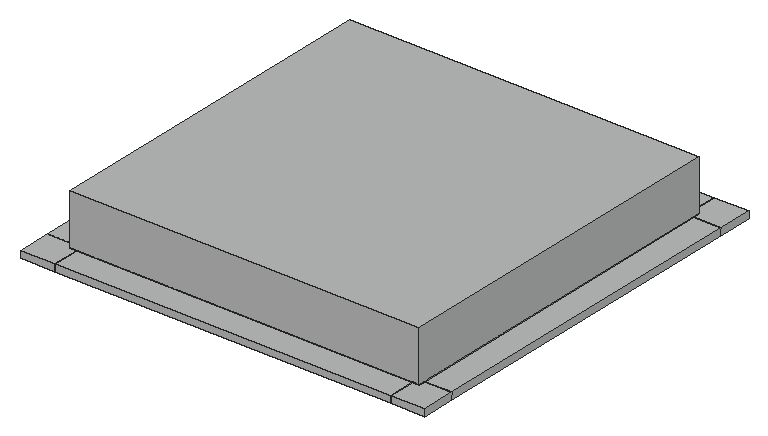
Revit family "ALUMOGIPS", category Осветительные приборы, Revit 2019 (continued)
Types (72, lengths in mm): name | Файл фотометрической сетки | built-in parameter 1150105 | Lumens | built-in parameter 1150106 | built-in parameter 1150142 | Wattage | Emit from Rectangle Width | Emit from Rectangle Length | Длина | Материал светильника | Ширина | ADSK_Ток | ADSK_Полная мощность | ADSK_Обозначение | ADSK_Номинальная мощность | ADSK_Наименование | ADSK_Масса | ADSK_Код изделия
  Alumogips-38/opal-sand 595х595 (IP54, 4000К, серый) | "Светильник ALUMOGIPS-38 OPAL-SAND-(595x595).IES" | 302.39 (stored number, unit not read) | 3800 lm | 3.0239 (stored number, unit not read) | "IESNA:LM-63-95\r\n[TEST] Протокол № 50-12 \r\n[DATA] 20.06.2016\r\n[MORE] \r\n[MANUFAC] ЗАО \"Центрстройсвет\"\r\n[LUMCAT]  Светильник ALUMOGIPS-38/OPAL-SAND-(595x595)\r\n[LUMINAIRE]\r\n[LAMPCAT] Светодиоды\r\n[LAMP] Поток источника света (светодиодов) не известен\r\n[MORE] КСС приведена в абсолютных величинах кд\r\n[MORE] Вместо потока лампы, указан поток светильника.\r\nTILT=NONE\r\n1    3750 1.0 37 73 1 2 0.595 0.595 0.04\r\n1.0 1.0 38.7\r\n0.0 5.0 10.0 15.0 20.0 25.0 30.0 35.0 40.0 45.0 50.0 55.0 60.0 65.0 70.0 75.0 80.0 85.0 90.0 95.0 100.0 105.0 110.0 115.0 120.0 125.0 130.0 135.0 140.0 145.0 150.0 155.0 160.0 165.0 170.0 175.0 180.0\r\n0.0 5.0 10.0 15.0 20.0 25.0 30.0 35.0 40.0 45.0 50.0 55.0 60.0 65.0 70.0 75.0 80.0 85.0 90.0 95.0 100.0 105.0 110.0 115.0 120.0 125.0 130.0 135.0 140.0 145.0 150.0 155.0 160.0 165.0 170.0 175.0 180.0 185.0 190.0 195.0 200.0 205.0 210.0 215.0 220.0 225.0 230.0 235.0 240.0 245.0 250.0 255.0 260.0 265.0 270.0 275.0 280.0 285.0 290.0 295.0 300.0 305.0 310.0 315.0 320.0 325.0 330.0 335.0 340.0 345.0 350.0 355.0 360.0\r\n1391.4 1390.6 1365.7 1330.6 1277.5 1214.9 1147.5 1059.6 967.6 873.2 772.4 664.9 556.3 449.1 342.7 240.6 147.1 64.2 4.7 0.0 0.0 0.0 0.0 0.0 0.0 0.0 0.0 0.0 0.0 0.0 0.0 0.0 0.0 0.0 0.0 0.0 0.0\r\n1391.4 1390.5 1367.8 1332.7 1284.3 1221.3 1147.0 1062.1 969.2 872.4 773.2 666.3 557.1 450.1 343.8 241.9 146.9 64.7 5.2 0.0 0.0 0.0 0.0 0.0 0.0 0.0 0.0 0.0 0.0 0.0 0.0 0.0 0.0 0.0 0.0 0.0 0.0\r\n1391.4 1390.2 1372.0 1333.3 1277.3 1216.8 1144.5 1057.4 969.6 875.1 773.8 669.5 560.0 454.6 345.8 242.4 148.5 65.8 5.4 0.0 0.0 0.0 0.0 0.0 0.0 0.0 0.0 0.0 0.0 0.0 0.0 0.0 0.0 0.0 0.0 0.0 0.0\r\n1391.4 1389.8 1371.2 1330.7 1279.5 1220.5 1148.3 1059.9 967.7 873.2 767.5 666.8 561.4 453.0 347.1 243.7 149.9 65.6 5.8 0.0 0.0 0.0 0.0 0.0 0.0 0.0 0.0 0.0 0.0 0.0 0.0 0.0 0.0 0.0 0.0 0.0 0.0\r\n1391.4 1389.8 1368.3 1329.3 1285.0 1214.6 1141.1 1058.7 971.8 871.3 775.2 666.9 559.4 452.6 345.8 242.5 150.0 65.8 6.1 0.0 0.0 0.0 0.0 0.0 0.0 0.0 0.0 0.0 0.0 0.0 0.0 0.0 0.0 0.0 0.0 0.0 0.0\r\n1391.4 1390.5 1367.3 1332.3 1281.7 1219.0 1142.8 1064.6 970.5 874.4 772.1 667.5 560.2 453.0 346.2 241.8 149.4 65.7 5.6 0.0 0.0 0.0 0.0 0.0 0.0 0.0 0.0 0.0 0.0 0.0 0.0 0.0 0.0 0.0 0.0 0.0 0.0\r\n1391.4 1391.4 1368.1 1333.5 1277.3 1215.7 1139.0 1059.6 968.1 872.4 771.6 667.4 558.8 453.3 344.3 243.9 148.4 65.7 5.4 0.0 0.0 0.0 0.0 0.0 0.0 0.0 0.0 0.0 0.0 0.0 0.0 0.0 0.0 0.0 0.0 0.0 0.0\r\n1391.4 1391.7 1368.1 1330.4 1278.2 1213.9 1142.4 1061.6 967.4 875.1 772.0 669.3 561.1 452.5 345.2 242.1 148.3 65.4 5.5 0.0 0.0 0.0 0.0 0.0 0.0 0.0 0.0 0.0 0.0 0.0 0.0 0.0 0.0 0.0 0.0 0.0 0.0\r\n1391.4 1391.5 1371.0 1328.4 1278.5 1216.7 1142.1 1061.2 971.8 874.7 772.1 668.9 560.8 452.9 345.4 243.3 147.7 66.0 5.4 0.0 0.0 0.0 0.0 0.0 0.0 0.0 0.0 0.0 0.0 0.0 0.0 0.0 0.0 0.0 0.0 0.0 0.0\r\n1391.4 1391.5 1373.2 1330.5 1277.3 1215.5 1143.2 1063.6 967.0 872.7 772.2 669.4 558.9 453.2 346.6 241.9 148.1 65.2 5.5 0.0 0.0 0.0 0.0 0.0 0.0 0.0 0.0 0.0 0.0 0.0 0.0 0.0 0.0 0.0 0.0 0.0 0.0\r\n1391.4 1391.4 1369.7 1328.3 1281.3 1216.0 1139.8 1057.9 968.7 875.3 773.9 667.6 561.8 454.0 344.0 243.1 147.2 65.6 5.5 0.0 0.0 0.0 0.0 0.0 0.0 0.0 0.0 0.0 0.0 0.0 0.0 0.0 0.0 0.0 0.0 0.0 0.0\r\n1391.4 1390.5 1367.9 1330.1 1278.1 1218.1 1138.9 1061.0 970.0 871.8 770.4 669.3 560.2 453.4 346.9 242.1 148.3 65.2 5.2 0.0 0.0 0.0 0.0 0.0 0.0 0.0 0.0 0.0 0.0 0.0 0.0 0.0 0.0 0.0 0.0 0.0 0.0\r\n1391.4 1389.3 1368.2 1329.1 1280.8 1214.4 1142.5 1059.2 967.2 874.3 772.4 668.0 563.1 452.3 345.7 242.8 146.8 64.9 5.1 0.0 0.0 0.0 0.0 0.0 0.0 0.0 0.0 0.0 0.0 0.0 0.0 0.0 0.0 0.0 0.0 0.0 0.0\r\n1391.4 1388.6 1367.4 1327.8 1278.0 1215.7 1141.0 1061.0 971.5 877.3 771.2 667.3 561.5 453.0 346.4 242.4 146.3 64.8 5.2 0.0 0.0 0.0 0.0 0.0 0.0 0.0 0.0 0.0 0.0 0.0 0.0 0.0 0.0 0.0 0.0 0.0 0.0\r\n1391.4 1388.0 1367.6 1326.7 1278.3 1218.0 1140.9 1061.5 968.4 873.4 770.1 666.6 562.1 454.6 344.8 241.8 146.4 64.0 5.5 0.0 0.0 0.0 0.0 0.0 0.0 0.0 0.0 0.0 0.0 0.0 0.0 0.0 0.0 0.0 0.0 0.0 0.0\r\n1391.4 1387.2 1366.1 1331.0 1281.4 1216.3 1142.7 1059.1 969.4 871.5 772.2 667.3 560.5 453.0 344.4 242.2 146.4 63.8 5.6 0.0 0.0 0.0 0.0 0.0 0.0 0.0 0.0 0.0 0.0 0.0 0.0 0.0 0.0 0.0 0.0 0.0 0.0\r\n1391.4 1387.1 1366.3 1328.7 1276.9 1214.5 1141.2 1059.3 968.4 874.3 775.5 668.3 562.5 454.9 346.4 241.3 146.2 63.5 5.7 0.0 0.0 0.0 0.0 0.0 0.0 0.0 0.0 0.0 0.0 0.0 0.0 0.0 0.0 0.0 0.0 0.0 0.0\r\n1391.4 1388.4 1366.0 1329.7 1279.2 1217.9 1140.0 1060.5 969.0 873.9 772.0 671.3 560.4 453.2 343.7 241.7 145.8 63.7 5.4 0.0 0.0 0.0 0.0 0.0 0.0 0.0 0.0 0.0 0.0 0.0 0.0 0.0 0.0 0.0 0.0 0.0 0.0\r\n1391.4 1389.6 1367.7 1329.3 1277.2 1211.1 1140.1 1061.0 971.0 871.2 769.2 669.1 561.5 453.1 343.3 241.9 145.8 63.4 5.2 0.0 0.0 0.0 0.0 0.0 0.0 0.0 0.0 0.0 0.0 0.0 0.0 0.0 0.0 0.0 0.0 0.0 0.0\r\n1391.4 1388.8 1366.9 1327.1 1279.4 1214.2 1142.5 1056.4 970.7 870.3 771.0 665.1 560.4 453.3 343.8 241.1 145.7 63.4 5.2 0.0 0.0 0.0 0.0 0.0 0.0 0.0 0.0 0.0 0.0 0.0 0.0 0.0 0.0 0.0 0.0 0.0 0.0\r\n1391.4 1387.2 1365.8 1328.9 1276.6 1210.2 1141.4 1059.3 966.6 871.4 770.5 667.4 559.2 451.4 344.2 241.0 145.6 63.2 5.1 0.0 0.0 0.0 0.0 0.0 0.0 0.0 0.0 0.0 0.0 0.0 0.0 0.0 0.0 0.0 0.0 0.0 0.0\r\n1391.4 1386.8 1364.4 1329.8 1279.4 1213.7 1144.0 1059.0 965.3 873.7 768.8 668.9 559.4 449.5 342.6 241.5 144.6 63.4 5.0 0.0 0.0 0.0 0.0 0.0 0.0 0.0 0.0 0.0 0.0 0.0 0.0 0.0 0.0 0.0 0.0 0.0 0.0\r\n1391.4 1388.1 1365.8 1328.1 1273.8 1213.4 1137.9 1059.2 967.3 869.2 769.3 667.7 558.4 451.4 344.0 240.6 145.7 63.4 4.9 0.0 0.0 0.0 0.0 0.0 0.0 0.0 0.0 0.0 0.0 0.0 0.0 0.0 0.0 0.0 0.0 0.0 0.0\r\n1391.4 1389.2 1364.4 1323.2 1276.3 1213.8 1137.6 1055.3 963.1 871.0 767.7 664.1 559.7 447.1 342.4 240.1 145.2 63.9 5.1 0.0 0.0 0.0 0.0 0.0 0.0 0.0 0.0 0.0 0.0 0.0 0.0 0.0 0.0 0.0 0.0 0.0 0.0\r\n1391.4 1388.4 1362.3 1326.8 1274.4 1212.2 1137.9 1054.7 966.7 867.9 768.7 663.4 557.3 449.2 343.3 240.0 145.7 63.6 5.0 0.0 0.0 0.0 0.0 0.0 0.0 0.0 0.0 0.0 0.0 0.0 0.0 0.0 0.0 0.0 0.0 0.0 0.0\r\n1391.4 1386.2 1361.8 1326.5 1273.3 1211.2 1134.5 1048.6 964.3 866.3 767.8 662.9 556.7 449.5 341.9 239.8 145.7 63.7 5.0 0.0 0.0 0.0 0.0 0.0 0.0 0.0 0.0 0.0 0.0 0.0 0.0 0.0 0.0 0.0 0.0 0.0 0.0\r\n1391.4 1384.4 1363.5 1324.4 1272.0 1209.5 1137.2 1053.0 960.2 867.5 767.9 662.7 556.7 449.2 342.5 239.1 146.2 63.8 4.8 0.0 0.0 0.0 0.0 0.0 0.0 0.0 0.0 0.0 0.0 0.0 0.0 0.0 0.0 0.0 0.0 0.0 0.0\r\n1391.4 1383.7 1362.4 1324.4 1274.0 1209.5 1134.4 1050.1 965.4 864.9 764.6 662.3 556.6 447.9 340.5 240.3 145.5 64.6 4.6 0.0 0.0 0.0 0.0 0.0 0.0 0.0 0.0 0.0 0.0 0.0 0.0 0.0 0.0 0.0 0.0 0.0 0.0\r\n1391.4 1384.4 1361.9 1326.9 1270.2 1207.3 1132.7 1050.1 959.7 867.7 763.1 662.2 555.0 447.3 343.0 238.3 145.8 63.9 4.7 0.0 0.0 0.0 0.0 0.0 0.0 0.0 0.0 0.0 0.0 0.0 0.0 0.0 0.0 0.0 0.0 0.0 0.0\r\n1391.4 1385.1 1363.0 1320.0 1270.4 1207.9 1134.4 1055.0 963.5 867.3 766.7 660.7 555.9 450.1 342.6 240.2 145.9 64.3 4.9 0.0 0.0 0.0 0.0 0.0 0.0 0.0 0.0 0.0 0.0 0.0 0.0 0.0 0.0 0.0 0.0 0.0 0.0\r\n1391.4 1384.9 1362.3 1321.4 1273.1 1208.0 1135.4 1052.3 961.9 865.0 764.0 660.8 553.5 447.6 341.2 240.3 146.1 63.8 4.8 0.0 0.0 0.0 0.0 0.0 0.0 0.0 0.0 0.0 0.0 0.0 0.0 0.0 0.0 0.0 0.0 0.0 0.0\r\n1391.4 1383.8 1361.2 1322.1 1265.1 1211.5 1132.8 1049.3 961.3 863.4 764.0 661.0 550.7 447.9 341.0 240.1 146.2 63.8 4.6 0.0 0.0 0.0 0.0 0.0 0.0 0.0 0.0 0.0 0.0 0.0 0.0 0.0 0.0 0.0 0.0 0.0 0.0\r\n1391.4 1382.8 1359.3 1321.5 1269.3 1206.8 1132.8 1051.1 958.3 863.2 763.1 662.7 553.4 448.0 340.4 240.0 145.8 63.8 4.0 0.0 0.0 0.0 0.0 0.0 0.0 0.0 0.0 0.0 0.0 0.0 0.0 0.0 0.0 0.0 0.0 0.0 0.0\r\n1391.4 1382.6 1359.0 1319.6 1268.1 1204.3 1129.8 1049.0 957.7 861.8 761.7 658.4 554.2 446.1 340.4 239.0 145.6 63.8 3.8 0.0 0.0 0.0 0.0 0.0 0.0 0.0 0.0 0.0 0.0 0.0 0.0 0.0 0.0 0.0 0.0 0.0 0.0\r\n1391.4 1382.8 1358.5 1315.8 1266.5 1202.1 1128.5 1049.2 957.6 860.0 762.1 658.2 549.9 443.8 339.6 238.4 145.7 63.6 3.7 0.0 0.0 0.0 0.0 0.0 0.0 0.0 0.0 0.0 0.0 0.0 0.0 0.0 0.0 0.0 0.0 0.0 0.0\r\n1391.4 1382.2 1360.5 1319.2 1265.9 1204.5 1129.9 1046.9 955.0 862.9 758.9 657.9 552.5 444.9 338.9 238.8 145.3 63.6 3.3 0.0 0.0 0.0 0.0 0.0 0.0 0.0 0.0 0.0 0.0 0.0 0.0 0.0 0.0 0.0 0.0 0.0 0.0\r\n1391.4 1381.1 1361.2 1321.0 1268.1 1203.8 1128.8 1047.4 955.6 863.7 761.1 656.4 551.5 445.2 339.2 238.5 144.7 62.5 3.5 0.0 0.0 0.0 0.0 0.0 0.0 0.0 0.0 0.0 0.0 0.0 0.0 0.0 0.0 0.0 0.0 0.0 0.0\r\n1391.4 1380.6 1359.0 1316.4 1268.5 1204.0 1126.1 1049.5 956.2 859.6 759.7 656.5 549.2 444.3 338.4 236.1 143.8 61.6 3.2 0.0 0.0 0.0 0.0 0.0 0.0 0.0 0.0 0.0 0.0 0.0 0.0 0.0 0.0 0.0 0.0 0.0 0.0\r\n1391.4 1380.7 1356.6 1316.0 1267.0 1205.6 1130.3 1044.8 956.9 856.7 759.3 653.5 548.1 441.9 335.3 235.4 141.4 60.3 2.9 0.0 0.0 0.0 0.0 0.0 0.0 0.0 0.0 0.0 0.0 0.0 0.0 0.0 0.0 0.0 0.0 0.0 0.0\r\n1391.4 1380.4 1354.4 1317.9 1268.8 1199.0 1129.0 1044.0 956.9 860.6 758.3 656.9 549.1 442.0 334.4 236.1 141.7 60.5 2.6 0.0 0.0 0.0 0.0 0.0 0.0 0.0 0.0 0.0 0.0 0.0 0.0 0.0 0.0 0.0 0.0 0.0 0.0\r\n1391.4 1380.1 1356.7 1322.1 1264.6 1201.7 1129.9 1047.4 957.2 859.7 758.2 656.1 549.4 442.8 335.3 235.8 141.3 60.6 2.3 0.0 0.0 0.0 0.0 0.0 0.0 0.0 0.0 0.0 0.0 0.0 0.0 0.0 0.0 0.0 0.0 0.0 0.0\r\n1391.4 1379.9 1357.3 1317.5 1265.9 1207.8 1129.2 1046.5 955.7 860.2 758.6 656.9 550.7 441.9 335.4 233.9 140.6 60.2 2.4 0.0 0.0 0.0 0.0 0.0 0.0 0.0 0.0 0.0 0.0 0.0 0.0 0.0 0.0 0.0 0.0 0.0 0.0\r\n1391.4 1379.2 1355.5 1314.6 1269.3 1203.7 1133.5 1044.8 957.2 857.9 762.0 656.6 548.7 440.4 335.9 234.5 140.4 59.8 2.8 0.0 0.0 0.0 0.0 0.0 0.0 0.0 0.0 0.0 0.0 0.0 0.0 0.0 0.0 0.0 0.0 0.0 0.0\r\n1391.4 1377.9 1357.1 1319.2 1271.9 1204.4 1128.6 1050.2 953.1 856.9 757.6 653.7 548.9 439.9 335.4 232.4 140.5 59.2 3.0 0.0 0.0 0.0 0.0 0.0 0.0 0.0 0.0 0.0 0.0 0.0 0.0 0.0 0.0 0.0 0.0 0.0 0.0\r\n1391.4 1377.2 1356.3 1322.9 1266.0 1204.8 1132.2 1049.0 958.1 859.3 759.0 654.6 547.0 441.6 334.9 232.1 139.3 58.8 2.9 0.0 0.0 0.0 0.0 0.0 0.0 0.0 0.0 0.0 0.0 0.0 0.0 0.0 0.0 0.0 0.0 0.0 0.0\r\n1391.4 1377.8 1353.8 1319.7 1269.6 1207.9 1135.8 1049.5 955.8 858.0 762.4 655.9 548.2 441.6 335.6 231.7 139.4 58.8 2.8 0.0 0.0 0.0 0.0 0.0 0.0 0.0 0.0 0.0 0.0 0.0 0.0 0.0 0.0 0.0 0.0 0.0 0.0\r\n1391.4 1378.5 1355.2 1319.8 1267.3 1206.5 1131.2 1046.1 954.6 861.2 756.6 653.8 548.1 440.3 335.0 232.6 138.6 59.0 2.9 0.0 0.0 0.0 0.0 0.0 0.0 0.0 0.0 0.0 0.0 0.0 0.0 0.0 0.0 0.0 0.0 0.0 0.0\r\n1391.4 1378.6 1355.1 1318.3 1269.7 1200.8 1133.1 1049.0 957.6 862.5 762.4 656.9 549.3 443.5 334.7 231.2 138.8 58.1 3.0 0.0 0.0 0.0 0.0 0.0 0.0 0.0 0.0 0.0 0.0 0.0 0.0 0.0 0.0 0.0 0.0 0.0 0.0\r\n1391.4 1378.8 1355.8 1321.7 1268.8 1210.0 1129.0 1048.5 958.8 862.4 762.2 656.4 549.0 441.1 335.4 231.5 138.5 58.1 3.0 0.0 0.0 0.0 0.0 0.0 0.0 0.0 0.0 0.0 0.0 0.0 0.0 0.0 0.0 0.0 0.0 0.0 0.0\r\n1391.4 1379.6 1357.6 1321.7 1269.0 1207.1 1133.9 1047.0 964.1 863.3 761.9 656.4 551.5 440.7 334.9 232.2 137.6 58.1 2.8 0.0 0.0 0.0 0.0 0.0 0.0 0.0 0.0 0.0 0.0 0.0 0.0 0.0 0.0 0.0 0.0 0.0 0.0\r\n1391.4 1380.6 1357.7 1319.2 1272.0 1207.5 1131.3 1054.6 959.0 863.3 764.8 655.9 549.1 443.0 335.1 231.3 138.0 58.1 2.7 0.0 0.0 0.0 0.0 0.0 0.0 0.0 0.0 0.0 0.0 0.0 0.0 0.0 0.0 0.0 0.0 0.0 0.0\r\n1391.4 1381.5 1358.5 1321.9 1271.0 1204.1 1135.9 1055.8 962.5 865.5 761.1 656.9 550.6 442.0 335.3 231.9 137.4 57.9 2.6 0.0 0.0 0.0 0.0 0.0 0.0 0.0 0.0 0.0 0.0 0.0 0.0 0.0 0.0 0.0 0.0 0.0 0.0\r\n1391.4 1381.3 1358.5 1322.3 1270.8 1207.2 1133.7 1051.9 958.0 867.3 767.5 657.0 552.1 442.3 333.6 231.2 137.9 57.8 2.6 0.0 0.0 0.0 0.0 0.0 0.0 0.0 0.0 0.0 0.0 0.0 0.0 0.0 0.0 0.0 0.0 0.0 0.0\r\n1391.4 1380.6 1359.4 1319.7 1270.6 1209.0 1133.0 1052.1 963.9 867.5 764.1 660.0 554.0 443.3 334.8 231.7 137.6 57.8 2.7 0.0 0.0 0.0 0.0 0.0 0.0 0.0 0.0 0.0 0.0 0.0 0.0 0.0 0.0 0.0 0.0 0.0 0.0\r\n1391.4 1381.3 1359.9 1321.3 1270.6 1204.8 1135.0 1051.3 962.1 865.5 761.7 660.3 553.1 443.5 334.1 231.9 137.9 57.8 2.8 0.0 0.0 0.0 0.0 0.0 0.0 0.0 0.0 0.0 0.0 0.0 0.0 0.0 0.0 0.0 0.0 0.0 0.0\r\n1391.4 1383.1 1362.1 1324.8 1273.8 1208.7 1134.8 1055.9 961.8 866.4 762.3 659.7 552.4 443.7 334.4 232.8 138.0 58.0 2.8 0.0 0.0 0.0 0.0 0.0 0.0 0.0 0.0 0.0 0.0 0.0 0.0 0.0 0.0 0.0 0.0 0.0 0.0\r\n1391.4 1384.6 1360.4 1321.7 1272.0 1210.6 1130.9 1052.5 963.1 866.7 767.4 659.3 553.7 444.6 335.4 233.1 138.3 58.0 2.8 0.0 0.0 0.0 0.0 0.0 0.0 0.0 0.0 0.0 0.0 0.0 0.0 0.0 0.0 0.0 0.0 0.0 0.0\r\n1391.4 1385.6 1357.5 1324.7 1273.9 1211.6 1134.3 1052.7 963.6 865.4 763.1 658.7 552.2 444.9 336.9 232.8 138.8 58.6 2.9 0.0 0.0 0.0 0.0 0.0 0.0 0.0 0.0 0.0 0.0 0.0 0.0 0.0 0.0 0.0 0.0 0.0 0.0\r\n1391.4 1386.4 1357.8 1323.4 1273.2 1212.2 1136.3 1054.7 967.5 867.5 764.0 659.4 553.3 443.7 336.8 233.2 138.9 58.5 3.1 0.0 0.0 0.0 0.0 0.0 0.0 0.0 0.0 0.0 0.0 0.0 0.0 0.0 0.0 0.0 0.0 0.0 0.0\r\n1391.4 1386.6 1362.0 1324.9 1273.2 1211.3 1139.0 1049.9 960.3 866.4 768.0 661.3 552.2 443.4 336.3 233.4 139.8 58.9 3.1 0.0 0.0 0.0 0.0 0.0 0.0 0.0 0.0 0.0 0.0 0.0 0.0 0.0 0.0 0.0 0.0 0.0 0.0\r\n1391.4 1386.0 1360.5 1326.0 1271.8 1212.0 1137.2 1059.3 963.5 867.6 766.9 661.2 552.3 445.8 337.8 233.6 141.0 59.2 3.3 0.0 0.0 0.0 0.0 0.0 0.0 0.0 0.0 0.0 0.0 0.0 0.0 0.0 0.0 0.0 0.0 0.0 0.0\r\n1391.4 1385.0 1362.3 1325.1 1272.0 1207.1 1138.5 1053.6 964.5 865.8 766.5 661.6 554.3 445.9 337.0 234.5 140.4 60.2 3.5 0.0 0.0 0.0 0.0 0.0 0.0 0.0 0.0 0.0 0.0 0.0 0.0 0.0 0.0 0.0 0.0 0.0 0.0\r\n1391.4 1384.4 1361.8 1323.6 1274.0 1214.8 1138.9 1053.9 968.0 867.9 769.0 663.8 555.6 446.7 339.6 235.0 141.3 60.4 3.4 0.0 0.0 0.0 0.0 0.0 0.0 0.0 0.0 0.0 0.0 0.0 0.0 0.0 0.0 0.0 0.0 0.0 0.0\r\n1391.4 1385.0 1360.9 1322.2 1272.4 1209.8 1137.2 1055.7 962.7 869.7 769.6 658.2 556.6 447.4 338.5 236.2 142.5 60.7 3.4 0.0 0.0 0.0 0.0 0.0 0.0 0.0 0.0 0.0 0.0 0.0 0.0 0.0 0.0 0.0 0.0 0.0 0.0\r\n1391.4 1386.6 1363.1 1323.6 1272.5 1211.5 1139.2 1058.4 969.9 868.0 768.8 664.6 556.3 445.8 342.1 236.1 142.3 61.2 3.5 0.0 0.0 0.0 0.0 0.0 0.0 0.0 0.0 0.0 0.0 0.0 0.0 0.0 0.0 0.0 0.0 0.0 0.0\r\n1391.4 1388.6 1360.9 1330.2 1273.7 1213.2 1138.7 1058.3 966.2 867.0 766.8 663.4 553.3 447.1 339.2 238.7 143.0 61.4 3.8 0.0 0.0 0.0 0.0 0.0 0.0 0.0 0.0 0.0 0.0 0.0 0.0 0.0 0.0 0.0 0.0 0.0 0.0\r\n1391.4 1389.8 1360.8 1328.4 1276.8 1216.0 1140.1 1055.8 963.1 870.3 768.4 663.1 554.0 449.1 340.1 237.3 144.8 61.7 3.8 0.0 0.0 0.0 0.0 0.0 0.0 0.0 0.0 0.0 0.0 0.0 0.0 0.0 0.0 0.0 0.0 0.0 0.0\r\n1391.4 1389.3 1362.5 1325.9 1278.0 1210.4 1138.2 1054.7 967.8 872.7 770.2 661.9 556.5 446.9 341.3 237.7 144.4 62.5 3.9 0.0 0.0 0.0 0.0 0.0 0.0 0.0 0.0 0.0 0.0 0.0 0.0 0.0 0.0 0.0 0.0 0.0 0.0\r\n1391.4 1387.8 1365.8 1326.6 1274.3 1213.2 1141.4 1053.1 966.2 871.2 768.4 663.7 555.0 447.1 341.3 238.2 144.3 62.7 4.1 0.0 0.0 0.0 0.0 0.0 0.0 0.0 0.0 0.0 0.0 0.0 0.0 0.0 0.0 0.0 0.0 0.0 0.0\r\n1391.4 1387.2 1364.2 1328.3 1274.8 1209.4 1145.0 1060.0 963.9 867.5 766.5 663.4 556.7 448.2 340.9 240.3 144.7 63.3 4.0 0.0 0.0 0.0 0.0 0.0 0.0 0.0 0.0 0.0 0.0 0.0 0.0 0.0 0.0 0.0 0.0 0.0 0.0\r\n1391.4 1388.4 1364.9 1332.6 1279.0 1215.6 1140.9 1056.3 969.3 867.1 770.0 663.8 559.0 449.0 342.4 240.3 145.7 63.3 4.7 0.0 0.0 0.0 0.0 0.0 0.0 0.0 0.0 0.0 0.0 0.0 0.0 0.0 0.0 0.0 0.0 0.0 0.0\r\n1391.4 1390.0 1364.5 1329.3 1281.4 1217.7 1141.3 1063.3 970.3 871.1 768.8 663.5 555.2 449.3 342.4 239.8 146.6 63.3 4.9 0.0 0.0 0.0 0.0 0.0 0.0 0.0 0.0 0.0 0.0 0.0 0.0 0.0 0.0 0.0 0.0 0.0 0.0\r\n1391.4 1390.6 1365.7 1330.6 1277.5 1214.9 1147.5 1059.6 967.6 873.2 772.4 664.9 556.3 449.1 342.7 240.6 147.1 64.2 4.7 0.0 0.0 0.0 0.0 0.0 0.0 0.0 0.0 0.0 0.0 0.0 0.0 0.0 0.0 0.0 0.0 0.0 0.0\r\n" | 25.582 W | 575 | 575 | 595 | RAL 9006 | 595 | 0.179584 A | 41.3043 VA | "Alumogips-38/opal-sand 595х595 (IP54, 4000К, серый)" | 38 W | "Встраиваемый светодиодный светильник Alumogips-38/opal-sand 595х595 (IP54, 4000К, серый)" | 2.4 | "ЦБ000006732"
